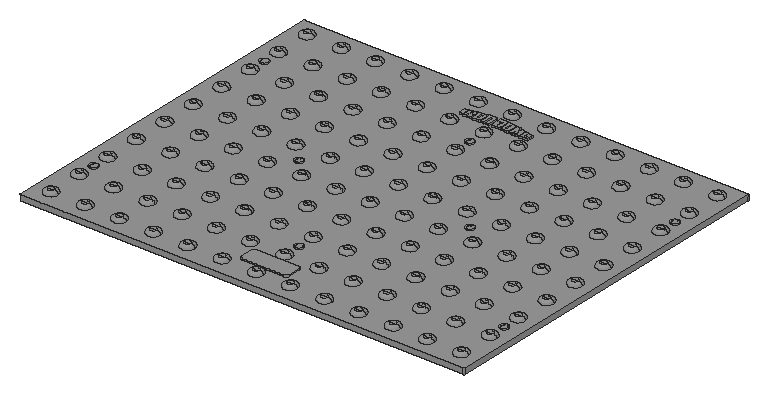
Revit family "Detectable-Warning-Surfaces_Cast-Iron-Dome-24x30_ADA-Solutions", category Generic Models, host Floor, Revit 2026
Family settings
  Host = Floor
  Can host rebar = No
  Round Connector Dimension = Use Diameter
  Part Type = Normal
  Always vertical = Yes
  Cut with Voids When Loaded = No
  Maintain Annotation Orientation = No
  Shared = No
  Room Calculation Point = No
Parameters (values of type "ADA White")
  Width = 24"
  URL = "https://adatile.com/"
  Specification = ""
  Product Page URL = "https://www.arcat.com/arcatcos/cos41/arc41776.html"
  Model = "Iron Dome Cast Iron"
  Manufacturer = "ADA Solutions"
  Length = 24"
  Keynote = "09 33 00"
  Default Elevation = 0"
  Copyright = "ARCAT"
  Color = ADA White
  CAD Details = ""
Reference planes (in)
  plane 1 "Center (Front/Back)": y = 0
  plane 2: z = 0
  plane 3 "Center (Left/Right)": x = 0
  plane 4: y = 12
  plane 5: y = -12
  plane 6: x = 15
  plane 7: x = -15
Forms (in)
  Extrusion 1, solid, material "ADA White" <- "Color"
    sketch origin (0, 0, 0) x (1, 0, 0) y (0, 1, 0)
      loop
        arc (-14.91034, 12) -> (-14.97374, 11.97374) -> (-15, 11.91034) r 0.08966
        line (-15, 11.91034) -> (-15, -11.91034)
        arc (-15, -11.91034) -> (-14.97374, -11.97374) -> (-14.91034, -12) r 0.08966
        line (-14.91034, -12) -> (14.91034, -12)
        arc (14.91034, -12) -> (14.97374, -11.97374) -> (15, -11.91034) r 0.08966
        line (15, -11.91034) -> (15, 11.91034)
        arc (15, 11.91034) -> (14.97374, 11.97374) -> (14.91034, 12) r 0.08966
        line (14.91034, 12) -> (-14.91034, 12)
      loop
        circle (-13.84962, -7.2) r 0.1875
      loop
        circle (-13.84962, 7.2) r 0.1875
      loop
        circle (13.84962, -7.2) r 0.1875
      loop
        circle (13.84962, 7.2) r 0.1875
      loop
        circle (0, 7.2) r 0.1875
      loop
        circle (0, -7.2) r 0.1875
      loop
        circle (-5.76923, 0) r 0.1875
      loop
        circle (5.76923, 0) r 0.1875
    from 0 to 0.37891
  Extrusion 2, solid, material "ADA White" <- "Color"
    sketch origin (0, 0, 0.37891) x (1, 0, 0) y (0, 1, 0)
      loop
        line (-2.29183, 9.62871) -> (-2.29183, 9.20958) -> (-2.07649, 9.20958) -> (-2.07649, 9.69565) -> (-2.29183, 9.62871)
      loop
        line (-2.04229, 9.2098) -> (-1.80845, 9.2098) -> (-1.80845, 9.31521) -> (-1.73871, 9.20983) -> (-1.4474, 9.20983) -> (-1.54927, 9.40606)
        arc (-1.54927, 9.40606) -> (-1.53366, 9.42953) -> (-1.52046, 9.45443) r 0.2836
        arc (-1.52046, 9.45443) -> (-1.487, 9.62026) -> (-1.52268, 9.78563) r 0.41393
        arc (-1.52268, 9.78563) -> (-1.54396, 9.8114) -> (-1.5755, 9.82245) r 0.06222
        line (-1.5755, 9.82245) -> (-2.04229, 9.70488) -> (-2.04229, 9.2098)
      loop
        arc (-1.77364, 9.51619) -> (-1.72327, 9.55321) -> (-1.7452, 9.61174) r 0.0518
        line (-1.7452, 9.61174) -> (-1.80901, 9.6007) -> (-1.80764, 9.51252) -> (-1.77364, 9.51619)
      loop
        line (-0.89211, 9.40457) -> (-0.89211, 9.75123)
        arc (-0.89211, 9.75123) -> (-0.91575, 9.84967) -> (-0.98149, 9.92665) r 0.21683
        line (-0.98149, 9.92665) -> (-1.37816, 9.86256)
        arc (-1.37816, 9.86256) -> (-1.4331, 9.78335) -> (-1.45846, 9.69034) r 0.2847
        line (-1.45846, 9.69034) -> (-1.45846, 9.34139)
        arc (-1.45846, 9.34139) -> (-1.42966, 9.26423) -> (-1.36782, 9.20983) r 0.16911
        line (-1.36782, 9.20983) -> (-0.97719, 9.20983)
        arc (-0.97719, 9.20983) -> (-0.91431, 9.29832) -> (-0.89211, 9.40457) r 0.26543
      loop
        line (-1.23307, 9.69111) -> (-1.22857, 9.41233) -> (-1.12862, 9.41387) -> (-1.13306, 9.70263) -> (-1.23307, 9.69111)
      loop
        line (-0.63419, 9.74046) -> (-0.53229, 9.74611) -> (-0.52787, 9.2089) -> (-0.30293, 9.2089) -> (-0.30585, 9.8147)
        arc (-0.30585, 9.8147) -> (-0.3285, 9.90696) -> (-0.39062, 9.97884) r 0.20321
        line (-0.39062, 9.97884) -> (-0.8723, 9.94796) -> (-0.8629, 9.2089) -> (-0.62906, 9.2089) -> (-0.63419, 9.74046)
      loop
        line (-0.1477, 9.99591) -> (-0.14715, 9.75997) -> (0.19154, 9.75893) -> (0.19056, 9.43896) -> (0.08968, 9.43953) -> (0.08968, 9.69434) -> (-0.14561, 9.69379) -> (-0.14448, 9.21018) -> (0.33277, 9.21018)
        arc (0.33277, 9.21018) -> (0.39212, 9.2735) -> (0.41432, 9.3574) r 0.17735
        line (0.41432, 9.3574) -> (0.41926, 9.78654)
        arc (0.41926, 9.78654) -> (0.39864, 9.89922) -> (0.3372, 9.99591) r 0.29935
        line (0.3372, 9.99591) -> (-0.1477, 9.99591)
      loop
        line (0.92009, 9.9346) -> (0.51847, 9.96809)
        arc (0.51847, 9.96809) -> (0.4641, 9.88525) -> (0.44504, 9.78801) r 0.25752
        line (0.44504, 9.78801) -> (0.44504, 9.35457)
        arc (0.44504, 9.35457) -> (0.46613, 9.27222) -> (0.52421, 9.21015) r 0.1713
        line (0.52421, 9.21015) -> (0.91753, 9.21133)
        arc (0.91753, 9.21133) -> (0.98163, 9.29657) -> (1.00487, 9.40067) r 0.25276
        line (1.00487, 9.40067) -> (1.00741, 9.76231)
        arc (1.00741, 9.76231) -> (0.98465, 9.85905) -> (0.92009, 9.9346) r 0.21071
      loop
        line (0.77231, 9.73607) -> (0.67186, 9.74307) -> (0.66945, 9.4295) -> (0.76809, 9.42815) -> (0.77231, 9.73607)
      loop
        line (1.29693, 9.87766) -> (1.03909, 9.91875) -> (1.02938, 9.20941) -> (1.24479, 9.21033) -> (1.24741, 9.4082) -> (1.31393, 9.20998) -> (1.42401, 9.20998) -> (1.50537, 9.40909) -> (1.50196, 9.20993) -> (1.70912, 9.20993) -> (1.71861, 9.78932) -> (1.46429, 9.85124) -> (1.37625, 9.64092) -> (1.29693, 9.87766)
      loop
        line (1.74505, 9.78288) -> (1.73584, 9.21036) -> (2.29301, 9.21036) -> (2.29301, 9.32649) -> (1.96735, 9.35348) -> (1.96783, 9.39215) -> (2.29301, 9.35794) -> (2.29301, 9.4694) -> (1.96957, 9.52917) -> (1.96957, 9.56772) -> (2.29249, 9.50113) -> (2.29301, 9.62871) -> (1.74505, 9.78288)
      loop
        line (-1.405, -10.19) -> (1.405, -10.19)
        arc (1.405, -10.19) -> (1.53935, -10.13435) -> (1.595, -10) r 0.19
        line (1.595, -10) -> (1.595, -9.2)
        arc (1.595, -9.2) -> (1.53935, -9.06565) -> (1.405, -9.01) r 0.19
        line (1.405, -9.01) -> (-1.405, -9.01)
        arc (-1.405, -9.01) -> (-1.53935, -9.06565) -> (-1.595, -9.2) r 0.19
        line (-1.595, -9.2) -> (-1.595, -10)
        arc (-1.595, -10) -> (-1.53935, -10.13435) -> (-1.405, -10.19) r 0.19
    from 0 to 0.10156
  Blend 3, solid, material "ADA White" <- "Color", not visible
    base sketch origin (0, 0, 0.37891) x (1, 0, 0) y (0, 1, 0)
      loop
        circle (-13.84615, 10.8) r 0.45206
    top sketch origin (0, 0, 0.37891) x (1, 0, 0) y (0, 1, 0)
      loop
        circle (-13.84615, 10.8) r 0.225
    from 0 to 0.19922
  Blend 4, solid, material "ADA White" <- "Color", not visible
    base sketch origin (0, 0, 0.37891) x (1, 0, 0) y (0, 1, 0)
      loop
        circle (-13.84615, 10.8) r 0.45206
    top sketch origin (0, 0, 0.37891) x (1, 0, 0) y (0, 1, 0)
      loop
        circle (-13.84615, 10.8) r 0.225
    from 0 to 0.19922
  Blend 5, solid, material "ADA White" <- "Color", not visible
    base sketch origin (0, -2.4, 0.37891) x (1, 0, 0) y (0, 1, 0)
      loop
        circle (-13.84615, 10.8) r 0.45206
    top sketch origin (0, -2.4, 0.37891) x (1, 0, 0) y (0, 1, 0)
      loop
        circle (-13.84615, 10.8) r 0.225
    from 0 to 0.19922
  Blend 6, solid, material "ADA White" <- "Color", not visible
    base sketch origin (0, -4.8, 0.37891) x (1, 0, 0) y (0, 1, 0)
      loop
        circle (-13.84615, 10.8) r 0.45206
    top sketch origin (0, -4.8, 0.37891) x (1, 0, 0) y (0, 1, 0)
      loop
        circle (-13.84615, 10.8) r 0.225
    from 0 to 0.19922
  Blend 7, solid, material "ADA White" <- "Color", not visible
    base sketch origin (0, -7.2, 0.37891) x (1, 0, 0) y (0, 1, 0)
      loop
        circle (-13.84615, 10.8) r 0.45206
    top sketch origin (0, -7.2, 0.37891) x (1, 0, 0) y (0, 1, 0)
      loop
        circle (-13.84615, 10.8) r 0.225
    from 0 to 0.19922
  Blend 8, solid, material "ADA White" <- "Color", not visible
    base sketch origin (0, -9.6, 0.37891) x (1, 0, 0) y (0, 1, 0)
      loop
        circle (-13.84615, 10.8) r 0.45206
    top sketch origin (0, -9.6, 0.37891) x (1, 0, 0) y (0, 1, 0)
      loop
        circle (-13.84615, 10.8) r 0.225
    from 0 to 0.19922
  Blend 9, solid, material "ADA White" <- "Color", not visible
    base sketch origin (0, -12, 0.37891) x (1, 0, 0) y (0, 1, 0)
      loop
        circle (-13.84615, 10.8) r 0.45206
    top sketch origin (0, -12, 0.37891) x (1, 0, 0) y (0, 1, 0)
      loop
        circle (-13.84615, 10.8) r 0.225
    from 0 to 0.19922
  Blend 10, solid, material "ADA White" <- "Color", not visible
    base sketch origin (0, -14.4, 0.37891) x (1, 0, 0) y (0, 1, 0)
      loop
        circle (-13.84615, 10.8) r 0.45206
    top sketch origin (0, -14.4, 0.37891) x (1, 0, 0) y (0, 1, 0)
      loop
        circle (-13.84615, 10.8) r 0.225
    from 0 to 0.19922
  Blend 11, solid, material "ADA White" <- "Color", not visible
    base sketch origin (0, -16.8, 0.37891) x (1, 0, 0) y (0, 1, 0)
      loop
        circle (-13.84615, 10.8) r 0.45206
    top sketch origin (0, -16.8, 0.37891) x (1, 0, 0) y (0, 1, 0)
      loop
        circle (-13.84615, 10.8) r 0.225
    from 0 to 0.19922
  Blend 12, solid, material "ADA White" <- "Color", not visible
    base sketch origin (0, -19.2, 0.37891) x (1, 0, 0) y (0, 1, 0)
      loop
        circle (-13.84615, 10.8) r 0.45206
    top sketch origin (0, -19.2, 0.37891) x (1, 0, 0) y (0, 1, 0)
      loop
        circle (-13.84615, 10.8) r 0.225
    from 0 to 0.19922
  Blend 13, solid, material "ADA White" <- "Color", not visible
    base sketch origin (0, -21.6, 0.37891) x (1, 0, 0) y (0, 1, 0)
      loop
        circle (-13.84615, 10.8) r 0.45206
    top sketch origin (0, -21.6, 0.37891) x (1, 0, 0) y (0, 1, 0)
      loop
        circle (-13.84615, 10.8) r 0.225
    from 0 to 0.19922
  Blend 14, solid, material "ADA White" <- "Color", not visible
    base sketch origin (2.30769, 0, 0.37891) x (1, 0, 0) y (0, 1, 0)
      loop
        circle (-13.84615, 10.8) r 0.45206
    top sketch origin (2.30769, 0, 0.37891) x (1, 0, 0) y (0, 1, 0)
      loop
        circle (-13.84615, 10.8) r 0.225
    from 0 to 0.19922
  Blend 15, solid, material "ADA White" <- "Color", not visible
    base sketch origin (2.30769, -2.4, 0.37891) x (1, 0, 0) y (0, 1, 0)
      loop
        circle (-13.84615, 10.8) r 0.45206
    top sketch origin (2.30769, -2.4, 0.37891) x (1, 0, 0) y (0, 1, 0)
      loop
        circle (-13.84615, 10.8) r 0.225
    from 0 to 0.19922
  Blend 16, solid, material "ADA White" <- "Color", not visible
    base sketch origin (2.30769, -4.8, 0.37891) x (1, 0, 0) y (0, 1, 0)
      loop
        circle (-13.84615, 10.8) r 0.45206
    top sketch origin (2.30769, -4.8, 0.37891) x (1, 0, 0) y (0, 1, 0)
      loop
        circle (-13.84615, 10.8) r 0.225
    from 0 to 0.19922
  Blend 17, solid, material "ADA White" <- "Color", not visible
    base sketch origin (2.30769, -7.2, 0.37891) x (1, 0, 0) y (0, 1, 0)
      loop
        circle (-13.84615, 10.8) r 0.45206
    top sketch origin (2.30769, -7.2, 0.37891) x (1, 0, 0) y (0, 1, 0)
      loop
        circle (-13.84615, 10.8) r 0.225
    from 0 to 0.19922
  Blend 18, solid, material "ADA White" <- "Color", not visible
    base sketch origin (2.30769, -9.6, 0.37891) x (1, 0, 0) y (0, 1, 0)
      loop
        circle (-13.84615, 10.8) r 0.45206
    top sketch origin (2.30769, -9.6, 0.37891) x (1, 0, 0) y (0, 1, 0)
      loop
        circle (-13.84615, 10.8) r 0.225
    from 0 to 0.19922
  Blend 19, solid, material "ADA White" <- "Color", not visible
    base sketch origin (2.30769, -12, 0.37891) x (1, 0, 0) y (0, 1, 0)
      loop
        circle (-13.84615, 10.8) r 0.45206
    top sketch origin (2.30769, -12, 0.37891) x (1, 0, 0) y (0, 1, 0)
      loop
        circle (-13.84615, 10.8) r 0.225
    from 0 to 0.19922
  Blend 20, solid, material "ADA White" <- "Color", not visible
    base sketch origin (2.30769, -14.4, 0.37891) x (1, 0, 0) y (0, 1, 0)
      loop
        circle (-13.84615, 10.8) r 0.45206
    top sketch origin (2.30769, -14.4, 0.37891) x (1, 0, 0) y (0, 1, 0)
      loop
        circle (-13.84615, 10.8) r 0.225
    from 0 to 0.19922
  Blend 21, solid, material "ADA White" <- "Color", not visible
    base sketch origin (2.30769, -16.8, 0.37891) x (1, 0, 0) y (0, 1, 0)
      loop
        circle (-13.84615, 10.8) r 0.45206
    top sketch origin (2.30769, -16.8, 0.37891) x (1, 0, 0) y (0, 1, 0)
      loop
        circle (-13.84615, 10.8) r 0.225
    from 0 to 0.19922
  Blend 22, solid, material "ADA White" <- "Color", not visible
    base sketch origin (2.30769, -19.2, 0.37891) x (1, 0, 0) y (0, 1, 0)
      loop
        circle (-13.84615, 10.8) r 0.45206
    top sketch origin (2.30769, -19.2, 0.37891) x (1, 0, 0) y (0, 1, 0)
      loop
        circle (-13.84615, 10.8) r 0.225
    from 0 to 0.19922
  Blend 23, solid, material "ADA White" <- "Color", not visible
    base sketch origin (2.30769, -21.6, 0.37891) x (1, 0, 0) y (0, 1, 0)
      loop
        circle (-13.84615, 10.8) r 0.45206
    top sketch origin (2.30769, -21.6, 0.37891) x (1, 0, 0) y (0, 1, 0)
      loop
        circle (-13.84615, 10.8) r 0.225
    from 0 to 0.19922
  Blend 24, solid, material "ADA White" <- "Color", not visible
    base sketch origin (4.61538, 0, 0.37891) x (1, 0, 0) y (0, 1, 0)
      loop
        circle (-13.84615, 10.8) r 0.45206
    top sketch origin (4.61538, 0, 0.37891) x (1, 0, 0) y (0, 1, 0)
      loop
        circle (-13.84615, 10.8) r 0.225
    from 0 to 0.19922
  Blend 25, solid, material "ADA White" <- "Color", not visible
    base sketch origin (4.61538, -2.4, 0.37891) x (1, 0, 0) y (0, 1, 0)
      loop
        circle (-13.84615, 10.8) r 0.45206
    top sketch origin (4.61538, -2.4, 0.37891) x (1, 0, 0) y (0, 1, 0)
      loop
        circle (-13.84615, 10.8) r 0.225
    from 0 to 0.19922
  Blend 26, solid, material "ADA White" <- "Color", not visible
    base sketch origin (4.61538, -4.8, 0.37891) x (1, 0, 0) y (0, 1, 0)
      loop
        circle (-13.84615, 10.8) r 0.45206
    top sketch origin (4.61538, -4.8, 0.37891) x (1, 0, 0) y (0, 1, 0)
      loop
        circle (-13.84615, 10.8) r 0.225
    from 0 to 0.19922
  Blend 27, solid, material "ADA White" <- "Color", not visible
    base sketch origin (4.61538, -7.2, 0.37891) x (1, 0, 0) y (0, 1, 0)
      loop
        circle (-13.84615, 10.8) r 0.45206
    top sketch origin (4.61538, -7.2, 0.37891) x (1, 0, 0) y (0, 1, 0)
      loop
        circle (-13.84615, 10.8) r 0.225
    from 0 to 0.19922
  Blend 28, solid, material "ADA White" <- "Color", not visible
    base sketch origin (4.61538, -9.6, 0.37891) x (1, 0, 0) y (0, 1, 0)
      loop
        circle (-13.84615, 10.8) r 0.45206
    top sketch origin (4.61538, -9.6, 0.37891) x (1, 0, 0) y (0, 1, 0)
      loop
        circle (-13.84615, 10.8) r 0.225
    from 0 to 0.19922
  Blend 29, solid, material "ADA White" <- "Color", not visible
    base sketch origin (4.61538, -12, 0.37891) x (1, 0, 0) y (0, 1, 0)
      loop
        circle (-13.84615, 10.8) r 0.45206
    top sketch origin (4.61538, -12, 0.37891) x (1, 0, 0) y (0, 1, 0)
      loop
        circle (-13.84615, 10.8) r 0.225
    from 0 to 0.19922
  Blend 30, solid, material "ADA White" <- "Color", not visible
    base sketch origin (4.61538, -14.4, 0.37891) x (1, 0, 0) y (0, 1, 0)
      loop
        circle (-13.84615, 10.8) r 0.45206
    top sketch origin (4.61538, -14.4, 0.37891) x (1, 0, 0) y (0, 1, 0)
      loop
        circle (-13.84615, 10.8) r 0.225
    from 0 to 0.19922
  Blend 31, solid, material "ADA White" <- "Color", not visible
    base sketch origin (4.61538, -16.8, 0.37891) x (1, 0, 0) y (0, 1, 0)
      loop
        circle (-13.84615, 10.8) r 0.45206
    top sketch origin (4.61538, -16.8, 0.37891) x (1, 0, 0) y (0, 1, 0)
      loop
        circle (-13.84615, 10.8) r 0.225
    from 0 to 0.19922
  Blend 32, solid, material "ADA White" <- "Color", not visible
    base sketch origin (4.61538, -19.2, 0.37891) x (1, 0, 0) y (0, 1, 0)
      loop
        circle (-13.84615, 10.8) r 0.45206
    top sketch origin (4.61538, -19.2, 0.37891) x (1, 0, 0) y (0, 1, 0)
      loop
        circle (-13.84615, 10.8) r 0.225
    from 0 to 0.19922
  Blend 33, solid, material "ADA White" <- "Color", not visible
    base sketch origin (4.61538, -21.6, 0.37891) x (1, 0, 0) y (0, 1, 0)
      loop
        circle (-13.84615, 10.8) r 0.45206
    top sketch origin (4.61538, -21.6, 0.37891) x (1, 0, 0) y (0, 1, 0)
      loop
        circle (-13.84615, 10.8) r 0.225
    from 0 to 0.19922
  Blend 34, solid, material "ADA White" <- "Color", not visible
    base sketch origin (6.92308, 0, 0.37891) x (1, 0, 0) y (0, 1, 0)
      loop
        circle (-13.84615, 10.8) r 0.45206
    top sketch origin (6.92308, 0, 0.37891) x (1, 0, 0) y (0, 1, 0)
      loop
        circle (-13.84615, 10.8) r 0.225
    from 0 to 0.19922
  Blend 35, solid, material "ADA White" <- "Color", not visible
    base sketch origin (6.92308, -2.4, 0.37891) x (1, 0, 0) y (0, 1, 0)
      loop
        circle (-13.84615, 10.8) r 0.45206
    top sketch origin (6.92308, -2.4, 0.37891) x (1, 0, 0) y (0, 1, 0)
      loop
        circle (-13.84615, 10.8) r 0.225
    from 0 to 0.19922
  Blend 36, solid, material "ADA White" <- "Color", not visible
    base sketch origin (6.92308, -4.8, 0.37891) x (1, 0, 0) y (0, 1, 0)
      loop
        circle (-13.84615, 10.8) r 0.45206
    top sketch origin (6.92308, -4.8, 0.37891) x (1, 0, 0) y (0, 1, 0)
      loop
        circle (-13.84615, 10.8) r 0.225
    from 0 to 0.19922
  Blend 37, solid, material "ADA White" <- "Color", not visible
    base sketch origin (6.92308, -7.2, 0.37891) x (1, 0, 0) y (0, 1, 0)
      loop
        circle (-13.84615, 10.8) r 0.45206
    top sketch origin (6.92308, -7.2, 0.37891) x (1, 0, 0) y (0, 1, 0)
      loop
        circle (-13.84615, 10.8) r 0.225
    from 0 to 0.19922
  Blend 38, solid, material "ADA White" <- "Color", not visible
    base sketch origin (6.92308, -9.6, 0.37891) x (1, 0, 0) y (0, 1, 0)
      loop
        circle (-13.84615, 10.8) r 0.45206
    top sketch origin (6.92308, -9.6, 0.37891) x (1, 0, 0) y (0, 1, 0)
      loop
        circle (-13.84615, 10.8) r 0.225
    from 0 to 0.19922
  Blend 39, solid, material "ADA White" <- "Color", not visible
    base sketch origin (6.92308, -12, 0.37891) x (1, 0, 0) y (0, 1, 0)
      loop
        circle (-13.84615, 10.8) r 0.45206
    top sketch origin (6.92308, -12, 0.37891) x (1, 0, 0) y (0, 1, 0)
      loop
        circle (-13.84615, 10.8) r 0.225
    from 0 to 0.19922
  Blend 40, solid, material "ADA White" <- "Color", not visible
    base sketch origin (6.92308, -14.4, 0.37891) x (1, 0, 0) y (0, 1, 0)
      loop
        circle (-13.84615, 10.8) r 0.45206
    top sketch origin (6.92308, -14.4, 0.37891) x (1, 0, 0) y (0, 1, 0)
      loop
        circle (-13.84615, 10.8) r 0.225
    from 0 to 0.19922
  Blend 41, solid, material "ADA White" <- "Color", not visible
    base sketch origin (6.92308, -16.8, 0.37891) x (1, 0, 0) y (0, 1, 0)
      loop
        circle (-13.84615, 10.8) r 0.45206
    top sketch origin (6.92308, -16.8, 0.37891) x (1, 0, 0) y (0, 1, 0)
      loop
        circle (-13.84615, 10.8) r 0.225
    from 0 to 0.19922
  Blend 42, solid, material "ADA White" <- "Color", not visible
    base sketch origin (6.92308, -19.2, 0.37891) x (1, 0, 0) y (0, 1, 0)
      loop
        circle (-13.84615, 10.8) r 0.45206
    top sketch origin (6.92308, -19.2, 0.37891) x (1, 0, 0) y (0, 1, 0)
      loop
        circle (-13.84615, 10.8) r 0.225
    from 0 to 0.19922
  Blend 43, solid, material "ADA White" <- "Color", not visible
    base sketch origin (6.92308, -21.6, 0.37891) x (1, 0, 0) y (0, 1, 0)
      loop
        circle (-13.84615, 10.8) r 0.45206
    top sketch origin (6.92308, -21.6, 0.37891) x (1, 0, 0) y (0, 1, 0)
      loop
        circle (-13.84615, 10.8) r 0.225
    from 0 to 0.19922
  Blend 44, solid, material "ADA White" <- "Color", not visible
    base sketch origin (9.23077, 0, 0.37891) x (1, 0, 0) y (0, 1, 0)
      loop
        circle (-13.84615, 10.8) r 0.45206
    top sketch origin (9.23077, 0, 0.37891) x (1, 0, 0) y (0, 1, 0)
      loop
        circle (-13.84615, 10.8) r 0.225
    from 0 to 0.19922
  Blend 45, solid, material "ADA White" <- "Color", not visible
    base sketch origin (9.23077, -2.4, 0.37891) x (1, 0, 0) y (0, 1, 0)
      loop
        circle (-13.84615, 10.8) r 0.45206
    top sketch origin (9.23077, -2.4, 0.37891) x (1, 0, 0) y (0, 1, 0)
      loop
        circle (-13.84615, 10.8) r 0.225
    from 0 to 0.19922
  Blend 46, solid, material "ADA White" <- "Color", not visible
    base sketch origin (9.23077, -4.8, 0.37891) x (1, 0, 0) y (0, 1, 0)
      loop
        circle (-13.84615, 10.8) r 0.45206
    top sketch origin (9.23077, -4.8, 0.37891) x (1, 0, 0) y (0, 1, 0)
      loop
        circle (-13.84615, 10.8) r 0.225
    from 0 to 0.19922
  Blend 47, solid, material "ADA White" <- "Color", not visible
    base sketch origin (9.23077, -7.2, 0.37891) x (1, 0, 0) y (0, 1, 0)
      loop
        circle (-13.84615, 10.8) r 0.45206
    top sketch origin (9.23077, -7.2, 0.37891) x (1, 0, 0) y (0, 1, 0)
      loop
        circle (-13.84615, 10.8) r 0.225
    from 0 to 0.19922
  Blend 48, solid, material "ADA White" <- "Color", not visible
    base sketch origin (9.23077, -9.6, 0.37891) x (1, 0, 0) y (0, 1, 0)
      loop
        circle (-13.84615, 10.8) r 0.45206
    top sketch origin (9.23077, -9.6, 0.37891) x (1, 0, 0) y (0, 1, 0)
      loop
        circle (-13.84615, 10.8) r 0.225
    from 0 to 0.19922
  Blend 49, solid, material "ADA White" <- "Color", not visible
    base sketch origin (9.23077, -12, 0.37891) x (1, 0, 0) y (0, 1, 0)
      loop
        circle (-13.84615, 10.8) r 0.45206
    top sketch origin (9.23077, -12, 0.37891) x (1, 0, 0) y (0, 1, 0)
      loop
        circle (-13.84615, 10.8) r 0.225
    from 0 to 0.19922
  Blend 50, solid, material "ADA White" <- "Color", not visible
    base sketch origin (9.23077, -14.4, 0.37891) x (1, 0, 0) y (0, 1, 0)
      loop
        circle (-13.84615, 10.8) r 0.45206
    top sketch origin (9.23077, -14.4, 0.37891) x (1, 0, 0) y (0, 1, 0)
      loop
        circle (-13.84615, 10.8) r 0.225
    from 0 to 0.19922
  Blend 51, solid, material "ADA White" <- "Color", not visible
    base sketch origin (9.23077, -16.8, 0.37891) x (1, 0, 0) y (0, 1, 0)
      loop
        circle (-13.84615, 10.8) r 0.45206
    top sketch origin (9.23077, -16.8, 0.37891) x (1, 0, 0) y (0, 1, 0)
      loop
        circle (-13.84615, 10.8) r 0.225
    from 0 to 0.19922
  Blend 52, solid, material "ADA White" <- "Color", not visible
    base sketch origin (9.23077, -19.2, 0.37891) x (1, 0, 0) y (0, 1, 0)
      loop
        circle (-13.84615, 10.8) r 0.45206
    top sketch origin (9.23077, -19.2, 0.37891) x (1, 0, 0) y (0, 1, 0)
      loop
        circle (-13.84615, 10.8) r 0.225
    from 0 to 0.19922
  Blend 53, solid, material "ADA White" <- "Color", not visible
    base sketch origin (9.23077, -21.6, 0.37891) x (1, 0, 0) y (0, 1, 0)
      loop
        circle (-13.84615, 10.8) r 0.45206
    top sketch origin (9.23077, -21.6, 0.37891) x (1, 0, 0) y (0, 1, 0)
      loop
        circle (-13.84615, 10.8) r 0.225
    from 0 to 0.19922
  Blend 54, solid, material "ADA White" <- "Color", not visible
    base sketch origin (11.53846, 0, 0.37891) x (1, 0, 0) y (0, 1, 0)
      loop
        circle (-13.84615, 10.8) r 0.45206
    top sketch origin (11.53846, 0, 0.37891) x (1, 0, 0) y (0, 1, 0)
      loop
        circle (-13.84615, 10.8) r 0.225
    from 0 to 0.19922
  Blend 55, solid, material "ADA White" <- "Color", not visible
    base sketch origin (11.53846, -2.4, 0.37891) x (1, 0, 0) y (0, 1, 0)
      loop
        circle (-13.84615, 10.8) r 0.45206
    top sketch origin (11.53846, -2.4, 0.37891) x (1, 0, 0) y (0, 1, 0)
      loop
        circle (-13.84615, 10.8) r 0.225
    from 0 to 0.19922
  Blend 56, solid, material "ADA White" <- "Color", not visible
    base sketch origin (11.53846, -4.8, 0.37891) x (1, 0, 0) y (0, 1, 0)
      loop
        circle (-13.84615, 10.8) r 0.45206
    top sketch origin (11.53846, -4.8, 0.37891) x (1, 0, 0) y (0, 1, 0)
      loop
        circle (-13.84615, 10.8) r 0.225
    from 0 to 0.19922
  Blend 57, solid, material "ADA White" <- "Color", not visible
    base sketch origin (11.53846, -7.2, 0.37891) x (1, 0, 0) y (0, 1, 0)
      loop
        circle (-13.84615, 10.8) r 0.45206
    top sketch origin (11.53846, -7.2, 0.37891) x (1, 0, 0) y (0, 1, 0)
      loop
        circle (-13.84615, 10.8) r 0.225
    from 0 to 0.19922
  Blend 58, solid, material "ADA White" <- "Color", not visible
    base sketch origin (11.53846, -9.6, 0.37891) x (1, 0, 0) y (0, 1, 0)
      loop
        circle (-13.84615, 10.8) r 0.45206
    top sketch origin (11.53846, -9.6, 0.37891) x (1, 0, 0) y (0, 1, 0)
      loop
        circle (-13.84615, 10.8) r 0.225
    from 0 to 0.19922
  Blend 59, solid, material "ADA White" <- "Color", not visible
    base sketch origin (11.53846, -12, 0.37891) x (1, 0, 0) y (0, 1, 0)
      loop
        circle (-13.84615, 10.8) r 0.45206
    top sketch origin (11.53846, -12, 0.37891) x (1, 0, 0) y (0, 1, 0)
      loop
        circle (-13.84615, 10.8) r 0.225
    from 0 to 0.19922
  Blend 60, solid, material "ADA White" <- "Color", not visible
    base sketch origin (11.53846, -14.4, 0.37891) x (1, 0, 0) y (0, 1, 0)
      loop
        circle (-13.84615, 10.8) r 0.45206
    top sketch origin (11.53846, -14.4, 0.37891) x (1, 0, 0) y (0, 1, 0)
      loop
        circle (-13.84615, 10.8) r 0.225
    from 0 to 0.19922
  Blend 61, solid, material "ADA White" <- "Color", not visible
    base sketch origin (11.53846, -16.8, 0.37891) x (1, 0, 0) y (0, 1, 0)
      loop
        circle (-13.84615, 10.8) r 0.45206
    top sketch origin (11.53846, -16.8, 0.37891) x (1, 0, 0) y (0, 1, 0)
      loop
        circle (-13.84615, 10.8) r 0.225
    from 0 to 0.19922
  Blend 62, solid, material "ADA White" <- "Color", not visible
    base sketch origin (11.53846, -19.2, 0.37891) x (1, 0, 0) y (0, 1, 0)
      loop
        circle (-13.84615, 10.8) r 0.45206
    top sketch origin (11.53846, -19.2, 0.37891) x (1, 0, 0) y (0, 1, 0)
      loop
        circle (-13.84615, 10.8) r 0.225
    from 0 to 0.19922
  Blend 63, solid, material "ADA White" <- "Color", not visible
    base sketch origin (11.53846, -21.6, 0.37891) x (1, 0, 0) y (0, 1, 0)
      loop
        circle (-13.84615, 10.8) r 0.45206
    top sketch origin (11.53846, -21.6, 0.37891) x (1, 0, 0) y (0, 1, 0)
      loop
        circle (-13.84615, 10.8) r 0.225
    from 0 to 0.19922
  Blend 64, solid, material "ADA White" <- "Color", not visible
    base sketch origin (13.84615, 0, 0.37891) x (1, 0, 0) y (0, 1, 0)
      loop
        circle (-13.84615, 10.8) r 0.45206
    top sketch origin (13.84615, 0, 0.37891) x (1, 0, 0) y (0, 1, 0)
      loop
        circle (-13.84615, 10.8) r 0.225
    from 0 to 0.19922
  Blend 65, solid, material "ADA White" <- "Color", not visible
    base sketch origin (13.84615, -2.4, 0.37891) x (1, 0, 0) y (0, 1, 0)
      loop
        circle (-13.84615, 10.8) r 0.45206
    top sketch origin (13.84615, -2.4, 0.37891) x (1, 0, 0) y (0, 1, 0)
      loop
        circle (-13.84615, 10.8) r 0.225
    from 0 to 0.19922
  Blend 66, solid, material "ADA White" <- "Color", not visible
    base sketch origin (13.84615, -4.8, 0.37891) x (1, 0, 0) y (0, 1, 0)
      loop
        circle (-13.84615, 10.8) r 0.45206
    top sketch origin (13.84615, -4.8, 0.37891) x (1, 0, 0) y (0, 1, 0)
      loop
        circle (-13.84615, 10.8) r 0.225
    from 0 to 0.19922
  Blend 67, solid, material "ADA White" <- "Color", not visible
    base sketch origin (13.84615, -7.2, 0.37891) x (1, 0, 0) y (0, 1, 0)
      loop
        circle (-13.84615, 10.8) r 0.45206
    top sketch origin (13.84615, -7.2, 0.37891) x (1, 0, 0) y (0, 1, 0)
      loop
        circle (-13.84615, 10.8) r 0.225
    from 0 to 0.19922
  Blend 68, solid, material "ADA White" <- "Color", not visible
    base sketch origin (13.84615, -9.6, 0.37891) x (1, 0, 0) y (0, 1, 0)
      loop
        circle (-13.84615, 10.8) r 0.45206
    top sketch origin (13.84615, -9.6, 0.37891) x (1, 0, 0) y (0, 1, 0)
      loop
        circle (-13.84615, 10.8) r 0.225
    from 0 to 0.19922
  Blend 69, solid, material "ADA White" <- "Color", not visible
    base sketch origin (13.84615, -12, 0.37891) x (1, 0, 0) y (0, 1, 0)
      loop
        circle (-13.84615, 10.8) r 0.45206
    top sketch origin (13.84615, -12, 0.37891) x (1, 0, 0) y (0, 1, 0)
      loop
        circle (-13.84615, 10.8) r 0.225
    from 0 to 0.19922
  Blend 70, solid, material "ADA White" <- "Color", not visible
    base sketch origin (13.84615, -14.4, 0.37891) x (1, 0, 0) y (0, 1, 0)
      loop
        circle (-13.84615, 10.8) r 0.45206
    top sketch origin (13.84615, -14.4, 0.37891) x (1, 0, 0) y (0, 1, 0)
      loop
        circle (-13.84615, 10.8) r 0.225
    from 0 to 0.19922
  Blend 71, solid, material "ADA White" <- "Color", not visible
    base sketch origin (13.84615, -16.8, 0.37891) x (1, 0, 0) y (0, 1, 0)
      loop
        circle (-13.84615, 10.8) r 0.45206
    top sketch origin (13.84615, -16.8, 0.37891) x (1, 0, 0) y (0, 1, 0)
      loop
        circle (-13.84615, 10.8) r 0.225
    from 0 to 0.19922
  Blend 72, solid, material "ADA White" <- "Color", not visible
    base sketch origin (13.84615, -19.2, 0.37891) x (1, 0, 0) y (0, 1, 0)
      loop
        circle (-13.84615, 10.8) r 0.45206
    top sketch origin (13.84615, -19.2, 0.37891) x (1, 0, 0) y (0, 1, 0)
      loop
        circle (-13.84615, 10.8) r 0.225
    from 0 to 0.19922
  Blend 73, solid, material "ADA White" <- "Color", not visible
    base sketch origin (13.84615, -21.6, 0.37891) x (1, 0, 0) y (0, 1, 0)
      loop
        circle (-13.84615, 10.8) r 0.45206
    top sketch origin (13.84615, -21.6, 0.37891) x (1, 0, 0) y (0, 1, 0)
      loop
        circle (-13.84615, 10.8) r 0.225
    from 0 to 0.19922
  Blend 74, solid, material "ADA White" <- "Color", not visible
    base sketch origin (16.15385, 0, 0.37891) x (1, 0, 0) y (0, 1, 0)
      loop
        circle (-13.84615, 10.8) r 0.45206
    top sketch origin (16.15385, 0, 0.37891) x (1, 0, 0) y (0, 1, 0)
      loop
        circle (-13.84615, 10.8) r 0.225
    from 0 to 0.19922
  Blend 75, solid, material "ADA White" <- "Color", not visible
    base sketch origin (16.15385, -2.4, 0.37891) x (1, 0, 0) y (0, 1, 0)
      loop
        circle (-13.84615, 10.8) r 0.45206
    top sketch origin (16.15385, -2.4, 0.37891) x (1, 0, 0) y (0, 1, 0)
      loop
        circle (-13.84615, 10.8) r 0.225
    from 0 to 0.19922
  Blend 76, solid, material "ADA White" <- "Color", not visible
    base sketch origin (16.15385, -4.8, 0.37891) x (1, 0, 0) y (0, 1, 0)
      loop
        circle (-13.84615, 10.8) r 0.45206
    top sketch origin (16.15385, -4.8, 0.37891) x (1, 0, 0) y (0, 1, 0)
      loop
        circle (-13.84615, 10.8) r 0.225
    from 0 to 0.19922
  Blend 77, solid, material "ADA White" <- "Color", not visible
    base sketch origin (16.15385, -7.2, 0.37891) x (1, 0, 0) y (0, 1, 0)
      loop
        circle (-13.84615, 10.8) r 0.45206
    top sketch origin (16.15385, -7.2, 0.37891) x (1, 0, 0) y (0, 1, 0)
      loop
        circle (-13.84615, 10.8) r 0.225
    from 0 to 0.19922
  Blend 78, solid, material "ADA White" <- "Color", not visible
    base sketch origin (16.15385, -9.6, 0.37891) x (1, 0, 0) y (0, 1, 0)
      loop
        circle (-13.84615, 10.8) r 0.45206
    top sketch origin (16.15385, -9.6, 0.37891) x (1, 0, 0) y (0, 1, 0)
      loop
        circle (-13.84615, 10.8) r 0.225
    from 0 to 0.19922
  Blend 79, solid, material "ADA White" <- "Color", not visible
    base sketch origin (16.15385, -12, 0.37891) x (1, 0, 0) y (0, 1, 0)
      loop
        circle (-13.84615, 10.8) r 0.45206
    top sketch origin (16.15385, -12, 0.37891) x (1, 0, 0) y (0, 1, 0)
      loop
        circle (-13.84615, 10.8) r 0.225
    from 0 to 0.19922
  Blend 80, solid, material "ADA White" <- "Color", not visible
    base sketch origin (16.15385, -14.4, 0.37891) x (1, 0, 0) y (0, 1, 0)
      loop
        circle (-13.84615, 10.8) r 0.45206
    top sketch origin (16.15385, -14.4, 0.37891) x (1, 0, 0) y (0, 1, 0)
      loop
        circle (-13.84615, 10.8) r 0.225
    from 0 to 0.19922
  Blend 81, solid, material "ADA White" <- "Color", not visible
    base sketch origin (16.15385, -16.8, 0.37891) x (1, 0, 0) y (0, 1, 0)
      loop
        circle (-13.84615, 10.8) r 0.45206
    top sketch origin (16.15385, -16.8, 0.37891) x (1, 0, 0) y (0, 1, 0)
      loop
        circle (-13.84615, 10.8) r 0.225
    from 0 to 0.19922
  Blend 82, solid, material "ADA White" <- "Color", not visible
    base sketch origin (16.15385, -19.2, 0.37891) x (1, 0, 0) y (0, 1, 0)
      loop
        circle (-13.84615, 10.8) r 0.45206
    top sketch origin (16.15385, -19.2, 0.37891) x (1, 0, 0) y (0, 1, 0)
      loop
        circle (-13.84615, 10.8) r 0.225
    from 0 to 0.19922
  Blend 83, solid, material "ADA White" <- "Color", not visible
    base sketch origin (16.15385, -21.6, 0.37891) x (1, 0, 0) y (0, 1, 0)
      loop
        circle (-13.84615, 10.8) r 0.45206
    top sketch origin (16.15385, -21.6, 0.37891) x (1, 0, 0) y (0, 1, 0)
      loop
        circle (-13.84615, 10.8) r 0.225
    from 0 to 0.19922
  Blend 84, solid, material "ADA White" <- "Color", not visible
    base sketch origin (18.46154, 0, 0.37891) x (1, 0, 0) y (0, 1, 0)
      loop
        circle (-13.84615, 10.8) r 0.45206
    top sketch origin (18.46154, 0, 0.37891) x (1, 0, 0) y (0, 1, 0)
      loop
        circle (-13.84615, 10.8) r 0.225
    from 0 to 0.19922
  Blend 85, solid, material "ADA White" <- "Color", not visible
    base sketch origin (18.46154, -2.4, 0.37891) x (1, 0, 0) y (0, 1, 0)
      loop
        circle (-13.84615, 10.8) r 0.45206
    top sketch origin (18.46154, -2.4, 0.37891) x (1, 0, 0) y (0, 1, 0)
      loop
        circle (-13.84615, 10.8) r 0.225
    from 0 to 0.19922
  Blend 86, solid, material "ADA White" <- "Color", not visible
    base sketch origin (18.46154, -4.8, 0.37891) x (1, 0, 0) y (0, 1, 0)
      loop
        circle (-13.84615, 10.8) r 0.45206
    top sketch origin (18.46154, -4.8, 0.37891) x (1, 0, 0) y (0, 1, 0)
      loop
        circle (-13.84615, 10.8) r 0.225
    from 0 to 0.19922
  Blend 87, solid, material "ADA White" <- "Color", not visible
    base sketch origin (18.46154, -7.2, 0.37891) x (1, 0, 0) y (0, 1, 0)
      loop
        circle (-13.84615, 10.8) r 0.45206
    top sketch origin (18.46154, -7.2, 0.37891) x (1, 0, 0) y (0, 1, 0)
      loop
        circle (-13.84615, 10.8) r 0.225
    from 0 to 0.19922
  Blend 88, solid, material "ADA White" <- "Color", not visible
    base sketch origin (18.46154, -9.6, 0.37891) x (1, 0, 0) y (0, 1, 0)
      loop
        circle (-13.84615, 10.8) r 0.45206
    top sketch origin (18.46154, -9.6, 0.37891) x (1, 0, 0) y (0, 1, 0)
      loop
        circle (-13.84615, 10.8) r 0.225
    from 0 to 0.19922
  Blend 89, solid, material "ADA White" <- "Color", not visible
    base sketch origin (18.46154, -12, 0.37891) x (1, 0, 0) y (0, 1, 0)
      loop
        circle (-13.84615, 10.8) r 0.45206
    top sketch origin (18.46154, -12, 0.37891) x (1, 0, 0) y (0, 1, 0)
      loop
        circle (-13.84615, 10.8) r 0.225
    from 0 to 0.19922
  Blend 90, solid, material "ADA White" <- "Color", not visible
    base sketch origin (18.46154, -14.4, 0.37891) x (1, 0, 0) y (0, 1, 0)
      loop
        circle (-13.84615, 10.8) r 0.45206
    top sketch origin (18.46154, -14.4, 0.37891) x (1, 0, 0) y (0, 1, 0)
      loop
        circle (-13.84615, 10.8) r 0.225
    from 0 to 0.19922
  Blend 91, solid, material "ADA White" <- "Color", not visible
    base sketch origin (18.46154, -16.8, 0.37891) x (1, 0, 0) y (0, 1, 0)
      loop
        circle (-13.84615, 10.8) r 0.45206
    top sketch origin (18.46154, -16.8, 0.37891) x (1, 0, 0) y (0, 1, 0)
      loop
        circle (-13.84615, 10.8) r 0.225
    from 0 to 0.19922
  Blend 92, solid, material "ADA White" <- "Color", not visible
    base sketch origin (18.46154, -19.2, 0.37891) x (1, 0, 0) y (0, 1, 0)
      loop
        circle (-13.84615, 10.8) r 0.45206
    top sketch origin (18.46154, -19.2, 0.37891) x (1, 0, 0) y (0, 1, 0)
      loop
        circle (-13.84615, 10.8) r 0.225
    from 0 to 0.19922
  Blend 93, solid, material "ADA White" <- "Color", not visible
    base sketch origin (18.46154, -21.6, 0.37891) x (1, 0, 0) y (0, 1, 0)
      loop
        circle (-13.84615, 10.8) r 0.45206
    top sketch origin (18.46154, -21.6, 0.37891) x (1, 0, 0) y (0, 1, 0)
      loop
        circle (-13.84615, 10.8) r 0.225
    from 0 to 0.19922
  Blend 94, solid, material "ADA White" <- "Color", not visible
    base sketch origin (20.76923, 0, 0.37891) x (1, 0, 0) y (0, 1, 0)
      loop
        circle (-13.84615, 10.8) r 0.45206
    top sketch origin (20.76923, 0, 0.37891) x (1, 0, 0) y (0, 1, 0)
      loop
        circle (-13.84615, 10.8) r 0.225
    from 0 to 0.19922
  Blend 95, solid, material "ADA White" <- "Color", not visible
    base sketch origin (20.76923, -2.4, 0.37891) x (1, 0, 0) y (0, 1, 0)
      loop
        circle (-13.84615, 10.8) r 0.45206
    top sketch origin (20.76923, -2.4, 0.37891) x (1, 0, 0) y (0, 1, 0)
      loop
        circle (-13.84615, 10.8) r 0.225
    from 0 to 0.19922
  Blend 96, solid, material "ADA White" <- "Color", not visible
    base sketch origin (20.76923, -4.8, 0.37891) x (1, 0, 0) y (0, 1, 0)
      loop
        circle (-13.84615, 10.8) r 0.45206
    top sketch origin (20.76923, -4.8, 0.37891) x (1, 0, 0) y (0, 1, 0)
      loop
        circle (-13.84615, 10.8) r 0.225
    from 0 to 0.19922
  Blend 97, solid, material "ADA White" <- "Color", not visible
    base sketch origin (20.76923, -7.2, 0.37891) x (1, 0, 0) y (0, 1, 0)
      loop
        circle (-13.84615, 10.8) r 0.45206
    top sketch origin (20.76923, -7.2, 0.37891) x (1, 0, 0) y (0, 1, 0)
      loop
        circle (-13.84615, 10.8) r 0.225
    from 0 to 0.19922
  Blend 98, solid, material "ADA White" <- "Color", not visible
    base sketch origin (20.76923, -9.6, 0.37891) x (1, 0, 0) y (0, 1, 0)
      loop
        circle (-13.84615, 10.8) r 0.45206
    top sketch origin (20.76923, -9.6, 0.37891) x (1, 0, 0) y (0, 1, 0)
      loop
        circle (-13.84615, 10.8) r 0.225
    from 0 to 0.19922
  Blend 99, solid, material "ADA White" <- "Color", not visible
    base sketch origin (20.76923, -12, 0.37891) x (1, 0, 0) y (0, 1, 0)
      loop
        circle (-13.84615, 10.8) r 0.45206
    top sketch origin (20.76923, -12, 0.37891) x (1, 0, 0) y (0, 1, 0)
      loop
        circle (-13.84615, 10.8) r 0.225
    from 0 to 0.19922
  Blend 100, solid, material "ADA White" <- "Color", not visible
    base sketch origin (20.76923, -14.4, 0.37891) x (1, 0, 0) y (0, 1, 0)
      loop
        circle (-13.84615, 10.8) r 0.45206
    top sketch origin (20.76923, -14.4, 0.37891) x (1, 0, 0) y (0, 1, 0)
      loop
        circle (-13.84615, 10.8) r 0.225
    from 0 to 0.19922
  Blend 101, solid, material "ADA White" <- "Color", not visible
    base sketch origin (20.76923, -16.8, 0.37891) x (1, 0, 0) y (0, 1, 0)
      loop
        circle (-13.84615, 10.8) r 0.45206
    top sketch origin (20.76923, -16.8, 0.37891) x (1, 0, 0) y (0, 1, 0)
      loop
        circle (-13.84615, 10.8) r 0.225
    from 0 to 0.19922
  Blend 102, solid, material "ADA White" <- "Color", not visible
    base sketch origin (20.76923, -19.2, 0.37891) x (1, 0, 0) y (0, 1, 0)
      loop
        circle (-13.84615, 10.8) r 0.45206
    top sketch origin (20.76923, -19.2, 0.37891) x (1, 0, 0) y (0, 1, 0)
      loop
        circle (-13.84615, 10.8) r 0.225
    from 0 to 0.19922
  Blend 103, solid, material "ADA White" <- "Color", not visible
    base sketch origin (20.76923, -21.6, 0.37891) x (1, 0, 0) y (0, 1, 0)
      loop
        circle (-13.84615, 10.8) r 0.45206
    top sketch origin (20.76923, -21.6, 0.37891) x (1, 0, 0) y (0, 1, 0)
      loop
        circle (-13.84615, 10.8) r 0.225
    from 0 to 0.19922
  Blend 104, solid, material "ADA White" <- "Color", not visible
    base sketch origin (23.07692, 0, 0.37891) x (1, 0, 0) y (0, 1, 0)
      loop
        circle (-13.84615, 10.8) r 0.45206
    top sketch origin (23.07692, 0, 0.37891) x (1, 0, 0) y (0, 1, 0)
      loop
        circle (-13.84615, 10.8) r 0.225
    from 0 to 0.19922
  Blend 105, solid, material "ADA White" <- "Color", not visible
    base sketch origin (23.07692, -2.4, 0.37891) x (1, 0, 0) y (0, 1, 0)
      loop
        circle (-13.84615, 10.8) r 0.45206
    top sketch origin (23.07692, -2.4, 0.37891) x (1, 0, 0) y (0, 1, 0)
      loop
        circle (-13.84615, 10.8) r 0.225
    from 0 to 0.19922
  Blend 106, solid, material "ADA White" <- "Color", not visible
    base sketch origin (23.07692, -4.8, 0.37891) x (1, 0, 0) y (0, 1, 0)
      loop
        circle (-13.84615, 10.8) r 0.45206
    top sketch origin (23.07692, -4.8, 0.37891) x (1, 0, 0) y (0, 1, 0)
      loop
        circle (-13.84615, 10.8) r 0.225
    from 0 to 0.19922
  Blend 107, solid, material "ADA White" <- "Color", not visible
    base sketch origin (23.07692, -7.2, 0.37891) x (1, 0, 0) y (0, 1, 0)
      loop
        circle (-13.84615, 10.8) r 0.45206
    top sketch origin (23.07692, -7.2, 0.37891) x (1, 0, 0) y (0, 1, 0)
      loop
        circle (-13.84615, 10.8) r 0.225
    from 0 to 0.19922
  Blend 108, solid, material "ADA White" <- "Color", not visible
    base sketch origin (23.07692, -9.6, 0.37891) x (1, 0, 0) y (0, 1, 0)
      loop
        circle (-13.84615, 10.8) r 0.45206
    top sketch origin (23.07692, -9.6, 0.37891) x (1, 0, 0) y (0, 1, 0)
      loop
        circle (-13.84615, 10.8) r 0.225
    from 0 to 0.19922
  Blend 109, solid, material "ADA White" <- "Color", not visible
    base sketch origin (23.07692, -12, 0.37891) x (1, 0, 0) y (0, 1, 0)
      loop
        circle (-13.84615, 10.8) r 0.45206
    top sketch origin (23.07692, -12, 0.37891) x (1, 0, 0) y (0, 1, 0)
      loop
        circle (-13.84615, 10.8) r 0.225
    from 0 to 0.19922
  Blend 110, solid, material "ADA White" <- "Color", not visible
    base sketch origin (23.07692, -14.4, 0.37891) x (1, 0, 0) y (0, 1, 0)
      loop
        circle (-13.84615, 10.8) r 0.45206
    top sketch origin (23.07692, -14.4, 0.37891) x (1, 0, 0) y (0, 1, 0)
      loop
        circle (-13.84615, 10.8) r 0.225
    from 0 to 0.19922
  Blend 111, solid, material "ADA White" <- "Color", not visible
    base sketch origin (23.07692, -16.8, 0.37891) x (1, 0, 0) y (0, 1, 0)
      loop
        circle (-13.84615, 10.8) r 0.45206
    top sketch origin (23.07692, -16.8, 0.37891) x (1, 0, 0) y (0, 1, 0)
      loop
        circle (-13.84615, 10.8) r 0.225
    from 0 to 0.19922
  Blend 112, solid, material "ADA White" <- "Color", not visible
    base sketch origin (23.07692, -19.2, 0.37891) x (1, 0, 0) y (0, 1, 0)
      loop
        circle (-13.84615, 10.8) r 0.45206
    top sketch origin (23.07692, -19.2, 0.37891) x (1, 0, 0) y (0, 1, 0)
      loop
        circle (-13.84615, 10.8) r 0.225
    from 0 to 0.19922
  Blend 113, solid, material "ADA White" <- "Color", not visible
    base sketch origin (23.07692, -21.6, 0.37891) x (1, 0, 0) y (0, 1, 0)
      loop
        circle (-13.84615, 10.8) r 0.45206
    top sketch origin (23.07692, -21.6, 0.37891) x (1, 0, 0) y (0, 1, 0)
      loop
        circle (-13.84615, 10.8) r 0.225
    from 0 to 0.19922
  Blend 114, solid, material "ADA White" <- "Color", not visible
    base sketch origin (25.38462, 0, 0.37891) x (1, 0, 0) y (0, 1, 0)
      loop
        circle (-13.84615, 10.8) r 0.45206
    top sketch origin (25.38462, 0, 0.37891) x (1, 0, 0) y (0, 1, 0)
      loop
        circle (-13.84615, 10.8) r 0.225
    from 0 to 0.19922
  Blend 115, solid, material "ADA White" <- "Color", not visible
    base sketch origin (25.38462, -2.4, 0.37891) x (1, 0, 0) y (0, 1, 0)
      loop
        circle (-13.84615, 10.8) r 0.45206
    top sketch origin (25.38462, -2.4, 0.37891) x (1, 0, 0) y (0, 1, 0)
      loop
        circle (-13.84615, 10.8) r 0.225
    from 0 to 0.19922
  Blend 116, solid, material "ADA White" <- "Color", not visible
    base sketch origin (25.38462, -4.8, 0.37891) x (1, 0, 0) y (0, 1, 0)
      loop
        circle (-13.84615, 10.8) r 0.45206
    top sketch origin (25.38462, -4.8, 0.37891) x (1, 0, 0) y (0, 1, 0)
      loop
        circle (-13.84615, 10.8) r 0.225
    from 0 to 0.19922
  Blend 117, solid, material "ADA White" <- "Color", not visible
    base sketch origin (25.38462, -7.2, 0.37891) x (1, 0, 0) y (0, 1, 0)
      loop
        circle (-13.84615, 10.8) r 0.45206
    top sketch origin (25.38462, -7.2, 0.37891) x (1, 0, 0) y (0, 1, 0)
      loop
        circle (-13.84615, 10.8) r 0.225
    from 0 to 0.19922
  Blend 118, solid, material "ADA White" <- "Color", not visible
    base sketch origin (25.38462, -9.6, 0.37891) x (1, 0, 0) y (0, 1, 0)
      loop
        circle (-13.84615, 10.8) r 0.45206
    top sketch origin (25.38462, -9.6, 0.37891) x (1, 0, 0) y (0, 1, 0)
      loop
        circle (-13.84615, 10.8) r 0.225
    from 0 to 0.19922
  Blend 119, solid, material "ADA White" <- "Color", not visible
    base sketch origin (25.38462, -12, 0.37891) x (1, 0, 0) y (0, 1, 0)
      loop
        circle (-13.84615, 10.8) r 0.45206
    top sketch origin (25.38462, -12, 0.37891) x (1, 0, 0) y (0, 1, 0)
      loop
        circle (-13.84615, 10.8) r 0.225
    from 0 to 0.19922
  Blend 120, solid, material "ADA White" <- "Color", not visible
    base sketch origin (25.38462, -14.4, 0.37891) x (1, 0, 0) y (0, 1, 0)
      loop
        circle (-13.84615, 10.8) r 0.45206
    top sketch origin (25.38462, -14.4, 0.37891) x (1, 0, 0) y (0, 1, 0)
      loop
        circle (-13.84615, 10.8) r 0.225
    from 0 to 0.19922
  Blend 121, solid, material "ADA White" <- "Color", not visible
    base sketch origin (25.38462, -16.8, 0.37891) x (1, 0, 0) y (0, 1, 0)
      loop
        circle (-13.84615, 10.8) r 0.45206
    top sketch origin (25.38462, -16.8, 0.37891) x (1, 0, 0) y (0, 1, 0)
      loop
        circle (-13.84615, 10.8) r 0.225
    from 0 to 0.19922
  Blend 122, solid, material "ADA White" <- "Color", not visible
    base sketch origin (25.38462, -19.2, 0.37891) x (1, 0, 0) y (0, 1, 0)
      loop
        circle (-13.84615, 10.8) r 0.45206
    top sketch origin (25.38462, -19.2, 0.37891) x (1, 0, 0) y (0, 1, 0)
      loop
        circle (-13.84615, 10.8) r 0.225
    from 0 to 0.19922
  Blend 123, solid, material "ADA White" <- "Color", not visible
    base sketch origin (25.38462, -21.6, 0.37891) x (1, 0, 0) y (0, 1, 0)
      loop
        circle (-13.84615, 10.8) r 0.45206
    top sketch origin (25.38462, -21.6, 0.37891) x (1, 0, 0) y (0, 1, 0)
      loop
        circle (-13.84615, 10.8) r 0.225
    from 0 to 0.19922
  Blend 124, solid, material "ADA White" <- "Color", not visible
    base sketch origin (27.69231, 0, 0.37891) x (1, 0, 0) y (0, 1, 0)
      loop
        circle (-13.84615, 10.8) r 0.45206
    top sketch origin (27.69231, 0, 0.37891) x (1, 0, 0) y (0, 1, 0)
      loop
        circle (-13.84615, 10.8) r 0.225
    from 0 to 0.19922
  Blend 125, solid, material "ADA White" <- "Color", not visible
    base sketch origin (27.69231, -2.4, 0.37891) x (1, 0, 0) y (0, 1, 0)
      loop
        circle (-13.84615, 10.8) r 0.45206
    top sketch origin (27.69231, -2.4, 0.37891) x (1, 0, 0) y (0, 1, 0)
      loop
        circle (-13.84615, 10.8) r 0.225
    from 0 to 0.19922
  Blend 126, solid, material "ADA White" <- "Color", not visible
    base sketch origin (27.69231, -4.8, 0.37891) x (1, 0, 0) y (0, 1, 0)
      loop
        circle (-13.84615, 10.8) r 0.45206
    top sketch origin (27.69231, -4.8, 0.37891) x (1, 0, 0) y (0, 1, 0)
      loop
        circle (-13.84615, 10.8) r 0.225
    from 0 to 0.19922
  Blend 127, solid, material "ADA White" <- "Color", not visible
    base sketch origin (27.69231, -7.2, 0.37891) x (1, 0, 0) y (0, 1, 0)
      loop
        circle (-13.84615, 10.8) r 0.45206
    top sketch origin (27.69231, -7.2, 0.37891) x (1, 0, 0) y (0, 1, 0)
      loop
        circle (-13.84615, 10.8) r 0.225
    from 0 to 0.19922
  Blend 128, solid, material "ADA White" <- "Color", not visible
    base sketch origin (27.69231, -9.6, 0.37891) x (1, 0, 0) y (0, 1, 0)
      loop
        circle (-13.84615, 10.8) r 0.45206
    top sketch origin (27.69231, -9.6, 0.37891) x (1, 0, 0) y (0, 1, 0)
      loop
        circle (-13.84615, 10.8) r 0.225
    from 0 to 0.19922
  Blend 129, solid, material "ADA White" <- "Color", not visible
    base sketch origin (27.69231, -12, 0.37891) x (1, 0, 0) y (0, 1, 0)
      loop
        circle (-13.84615, 10.8) r 0.45206
    top sketch origin (27.69231, -12, 0.37891) x (1, 0, 0) y (0, 1, 0)
      loop
        circle (-13.84615, 10.8) r 0.225
    from 0 to 0.19922
  Blend 130, solid, material "ADA White" <- "Color", not visible
    base sketch origin (27.69231, -14.4, 0.37891) x (1, 0, 0) y (0, 1, 0)
      loop
        circle (-13.84615, 10.8) r 0.45206
    top sketch origin (27.69231, -14.4, 0.37891) x (1, 0, 0) y (0, 1, 0)
      loop
        circle (-13.84615, 10.8) r 0.225
    from 0 to 0.19922
  Blend 131, solid, material "ADA White" <- "Color", not visible
    base sketch origin (27.69231, -16.8, 0.37891) x (1, 0, 0) y (0, 1, 0)
      loop
        circle (-13.84615, 10.8) r 0.45206
    top sketch origin (27.69231, -16.8, 0.37891) x (1, 0, 0) y (0, 1, 0)
      loop
        circle (-13.84615, 10.8) r 0.225
    from 0 to 0.19922
  Blend 132, solid, material "ADA White" <- "Color", not visible
    base sketch origin (27.69231, -19.2, 0.37891) x (1, 0, 0) y (0, 1, 0)
      loop
        circle (-13.84615, 10.8) r 0.45206
    top sketch origin (27.69231, -19.2, 0.37891) x (1, 0, 0) y (0, 1, 0)
      loop
        circle (-13.84615, 10.8) r 0.225
    from 0 to 0.19922
  Blend 133, solid, material "ADA White" <- "Color", not visible
    base sketch origin (27.69231, -21.6, 0.37891) x (1, 0, 0) y (0, 1, 0)
      loop
        circle (-13.84615, 10.8) r 0.45206
    top sketch origin (27.69231, -21.6, 0.37891) x (1, 0, 0) y (0, 1, 0)
      loop
        circle (-13.84615, 10.8) r 0.225
    from 0 to 0.19922
  Extrusion 134, solid, material "ADA White" <- "Color"
    sketch origin (-8.77981, 0.08336, 0) x (1, 0, 0) y (0, 1, 0)
      loop
        circle (-5.07444, 7.10824) r 0.2698
      loop
        circle (8.77678, 7.1148) r 0.2698
      loop
        circle (-5.07444, -7.29199) r 0.2698
      loop
        circle (8.77678, -7.28152) r 0.2698
      loop
        circle (3.0082, -0.0814) r 0.2698
      loop
        circle (22.62456, 7.1148) r 0.2698
      loop
        circle (22.62456, -7.28152) r 0.2698
      loop
        circle (14.55081, -0.0814) r 0.2698
    from 0 to 0.41229
  Revolve 135, solid, material "ADA White" <- "Color"
    sketch origin (12.70371, 10.80233, -4.79798) x (1, 0, 0) y (0, 0, 1)
      loop
        line (1.14124, 5.37478) -> (0.89322, 5.37478)
        arc (0.89322, 5.37478) -> (0.75575, 5.31212) -> (0.68625, 5.17798) r 0.23136
        line (0.68625, 5.17798) -> (1.14124, 5.17798) -> (1.14124, 5.37478)
      axis (1.14124, 5.37478) -> (1.14124, 5.17798)
    angle from 0 to 360
  Revolve 136, solid, material "ADA White" <- "Color", not visible
    sketch origin (19.20141, 1.19882, 0) x (1, 0, 0) y (0, 0, 1)
      loop
        line (1.14124, 5.37478) -> (0.89322, 5.37478)
        arc (0.89322, 5.37478) -> (0.75575, 5.31212) -> (0.68625, 5.17798) r 0.23136
        line (0.68625, 5.17798) -> (1.14124, 5.17798) -> (1.14124, 5.37478)
      axis (1.14124, 5.37478) -> (1.14124, 5.17798)
    angle from 0 to 360
  Revolve 137, solid, material "ADA White" <- "Color"
    sketch origin (10.39602, 10.80233, -4.79798) x (1, 0, 0) y (0, 0, 1)
      loop
        line (1.14124, 5.37478) -> (0.89322, 5.37478)
        arc (0.89322, 5.37478) -> (0.75575, 5.31212) -> (0.68625, 5.17798) r 0.23136
        line (0.68625, 5.17798) -> (1.14124, 5.17798) -> (1.14124, 5.37478)
      axis (1.14124, 5.37478) -> (1.14124, 5.17798)
    angle from 0 to 360
  Revolve 138, solid, material "ADA White" <- "Color"
    sketch origin (8.08832, 10.80233, -4.79798) x (1, 0, 0) y (0, 0, 1)
      loop
        line (1.14124, 5.37478) -> (0.89322, 5.37478)
        arc (0.89322, 5.37478) -> (0.75575, 5.31212) -> (0.68625, 5.17798) r 0.23136
        line (0.68625, 5.17798) -> (1.14124, 5.17798) -> (1.14124, 5.37478)
      axis (1.14124, 5.37478) -> (1.14124, 5.17798)
    angle from 0 to 360
  Revolve 139, solid, material "ADA White" <- "Color"
    sketch origin (5.78063, 10.80233, -4.79798) x (1, 0, 0) y (0, 0, 1)
      loop
        line (1.14124, 5.37478) -> (0.89322, 5.37478)
        arc (0.89322, 5.37478) -> (0.75575, 5.31212) -> (0.68625, 5.17798) r 0.23136
        line (0.68625, 5.17798) -> (1.14124, 5.17798) -> (1.14124, 5.37478)
      axis (1.14124, 5.37478) -> (1.14124, 5.17798)
    angle from 0 to 360
  Revolve 140, solid, material "ADA White" <- "Color"
    sketch origin (3.47294, 10.80233, -4.79798) x (1, 0, 0) y (0, 0, 1)
      loop
        line (1.14124, 5.37478) -> (0.89322, 5.37478)
        arc (0.89322, 5.37478) -> (0.75575, 5.31212) -> (0.68625, 5.17798) r 0.23136
        line (0.68625, 5.17798) -> (1.14124, 5.17798) -> (1.14124, 5.37478)
      axis (1.14124, 5.37478) -> (1.14124, 5.17798)
    angle from 0 to 360
  Revolve 141, solid, material "ADA White" <- "Color"
    sketch origin (1.16525, 10.80233, -4.79798) x (1, 0, 0) y (0, 0, 1)
      loop
        line (1.14124, 5.37478) -> (0.89322, 5.37478)
        arc (0.89322, 5.37478) -> (0.75575, 5.31212) -> (0.68625, 5.17798) r 0.23136
        line (0.68625, 5.17798) -> (1.14124, 5.17798) -> (1.14124, 5.37478)
      axis (1.14124, 5.37478) -> (1.14124, 5.17798)
    angle from 0 to 360
  Revolve 142, solid, material "ADA White" <- "Color"
    sketch origin (-1.14244, 10.80233, -4.79798) x (1, 0, 0) y (0, 0, 1)
      loop
        line (1.14124, 5.37478) -> (0.89322, 5.37478)
        arc (0.89322, 5.37478) -> (0.75575, 5.31212) -> (0.68625, 5.17798) r 0.23136
        line (0.68625, 5.17798) -> (1.14124, 5.17798) -> (1.14124, 5.37478)
      axis (1.14124, 5.37478) -> (1.14124, 5.17798)
    angle from 0 to 360
  Revolve 143, solid, material "ADA White" <- "Color"
    sketch origin (-3.45014, 10.80233, -4.79798) x (1, 0, 0) y (0, 0, 1)
      loop
        line (1.14124, 5.37478) -> (0.89322, 5.37478)
        arc (0.89322, 5.37478) -> (0.75575, 5.31212) -> (0.68625, 5.17798) r 0.23136
        line (0.68625, 5.17798) -> (1.14124, 5.17798) -> (1.14124, 5.37478)
      axis (1.14124, 5.37478) -> (1.14124, 5.17798)
    angle from 0 to 360
  Revolve 144, solid, material "ADA White" <- "Color"
    sketch origin (-5.75783, 10.80233, -4.79798) x (1, 0, 0) y (0, 0, 1)
      loop
        line (1.14124, 5.37478) -> (0.89322, 5.37478)
        arc (0.89322, 5.37478) -> (0.75575, 5.31212) -> (0.68625, 5.17798) r 0.23136
        line (0.68625, 5.17798) -> (1.14124, 5.17798) -> (1.14124, 5.37478)
      axis (1.14124, 5.37478) -> (1.14124, 5.17798)
    angle from 0 to 360
  Revolve 145, solid, material "ADA White" <- "Color"
    sketch origin (-8.06552, 10.80233, -4.79798) x (1, 0, 0) y (0, 0, 1)
      loop
        line (1.14124, 5.37478) -> (0.89322, 5.37478)
        arc (0.89322, 5.37478) -> (0.75575, 5.31212) -> (0.68625, 5.17798) r 0.23136
        line (0.68625, 5.17798) -> (1.14124, 5.17798) -> (1.14124, 5.37478)
      axis (1.14124, 5.37478) -> (1.14124, 5.17798)
    angle from 0 to 360
  Revolve 146, solid, material "ADA White" <- "Color"
    sketch origin (-10.37321, 10.80233, -4.79798) x (1, 0, 0) y (0, 0, 1)
      loop
        line (1.14124, 5.37478) -> (0.89322, 5.37478)
        arc (0.89322, 5.37478) -> (0.75575, 5.31212) -> (0.68625, 5.17798) r 0.23136
        line (0.68625, 5.17798) -> (1.14124, 5.17798) -> (1.14124, 5.37478)
      axis (1.14124, 5.37478) -> (1.14124, 5.17798)
    angle from 0 to 360
  Revolve 147, solid, material "ADA White" <- "Color"
    sketch origin (-12.68091, 10.80233, -4.79798) x (1, 0, 0) y (0, 0, 1)
      loop
        line (1.14124, 5.37478) -> (0.89322, 5.37478)
        arc (0.89322, 5.37478) -> (0.75575, 5.31212) -> (0.68625, 5.17798) r 0.23136
        line (0.68625, 5.17798) -> (1.14124, 5.17798) -> (1.14124, 5.37478)
      axis (1.14124, 5.37478) -> (1.14124, 5.17798)
    angle from 0 to 360
  Revolve 148, solid, material "ADA White" <- "Color"
    sketch origin (-14.9886, 10.80233, -4.79798) x (1, 0, 0) y (0, 0, 1)
      loop
        line (1.14124, 5.37478) -> (0.89322, 5.37478)
        arc (0.89322, 5.37478) -> (0.75575, 5.31212) -> (0.68625, 5.17798) r 0.23136
        line (0.68625, 5.17798) -> (1.14124, 5.17798) -> (1.14124, 5.37478)
      axis (1.14124, 5.37478) -> (1.14124, 5.17798)
    angle from 0 to 360
